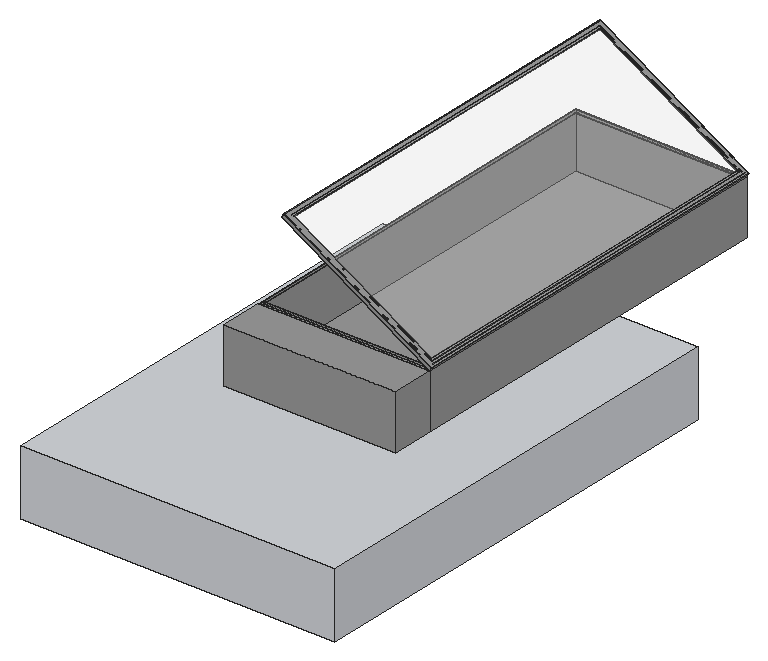
Revit family "Hager-Univers-IP55-D275-H2050-Cl.I-Steel_encl-CH-fr", category Equipement électrique, Revit 2020
Family settings
  Hôte = Face
  Configuration du panneau = Deux colonnes, circuits au sein
  Cote de connecteur circulaire = Utiliser le diamètre
  Type d'élément = Tableau de raccordement
  Couper avec des vides une fois chargée = Non
  Partagée = Non
  Point de calcul de pièce = Non
Parameters (values of type "installation au sol IP55 L800 H2050 P275  - FR23K2")
  Width Control [instance] = if([EF000008 - largeur] > Min Width, [EF000008 - largeur], Min Width)  # 800 mm
  Commentaires du type = [HG000003 - Gamme]  # "Univers"
  Thickness Door [instance] = if([EF009171 - épaisseur de matériau de la porte/du couvercle] > 3 mm, 3 mm, [EF009171 - épaisseur de matériau de la porte/du couvercle])  # 1.5 mm
  Seal Frame Offset [instance] = 17 mm  # constant formula
  Plinth Visibility [instance] = [HG000027 - Hauteur du socle] > 0 mm  # yes
  Model = ""
  Min Width [instance] = 100 mm  # constant formula
  Min Height [instance] = 100 mm  # constant formula
  Min Depth [instance] = (2 * [EF009170 - épaisseur de matériau du boîtier]) + 1 mm  # 4 mm
  Internal Frame Depth [instance] = (Door System Depth * 0.5)  # 9 mm
  Height Control [instance] = if([EF000040 - hauteur] > Min Height, [EF000040 - hauteur], Min Height)  # 2050 mm
  HG000027 - Hauteur du socle = 200 mm
  HG000026 - Installation au sol = yes
  HG000024 - Hauteur de la section basse = 800 mm
  HG000023 - Armoire double section = no
  HG000016 - Visibilité de la porte 3D [instance] = yes
  HG000015 - Visibilité de l'emprise de la porte [instance] = no
  HG000014 - Porte à droite [instance] = yes
  HG000013 - Porte à gauche [instance] = not([HG000014 - Porte à droite])  # no
  HG000012 - Angle de pivotement de la porte [instance] = 30.00°
  HG000010 - Portes asymétriques = no
  HG000009 - Porte à double battant = no
  HG000006 - Encastré = no
  HG000004 - Référence fabricant = "FR23K2"
  HG000003 - Gamme = "Univers"
  HG000002 - avec porte = yes
  Frame Offset Bottom [instance] = 10 mm  # constant formula
  Frame Offset [instance] = 15 mm  # constant formula
  EF015940 - couvercle avec décharge de pression = no
  EF011959 - degré de protection (NEMA) = ""
  EF009554 - nombre d'ouvertures pour plaques à bride = 6
  Fabricant = "Hager"  # constant formula
  EF009212 - finition du couvercle = "EV000116 - fermé"
  EF009171 - épaisseur de matériau de la porte/du couvercle = 1.5 mm
  EF009170 - épaisseur de matériau du boîtier = 1.5 mm
  EF008873 - courant nominal (In) = 800 A
  EF007800 - adapté à un parafoudre = no
  EF006306 - avec serrure = no
  EF006244 - couvercle/porte transparent(e) = yes
  EF005474 - indice de protection (IP) = "EV006420 - IP55"
  EF004464 - type de porte = "EV002646 - unique"
  EF004427 - nombre de modules = 432
  EF004293 - indice de protection contre les chocs (IK) = "EV008784 - IK10"
  EF003532 - convient pour utilisation à l’extérieur = no
  EF002950 - largeur en nombre de modules = 24
  EF001613 - maintien de fonction = "EV000494 - sans"
  EF001596 - matériau du boîtier/corps = "EV000179 - acier"
  EF001131 - profondeur intérieure = 275 mm
  EF001088 - possibilité de montage en saillie = yes
  EF000437 - nombre d'entrées de conduit = 6
  EF000339 - type de capot = "EV004216 - porte"
  EF000266 - nombre de rangées = 12
  EF000218 - profondeur d'encastrement = 0 mm
  EF000118 - avec cadre/support de montage = no
  EF000116 - numéro RAL = "7035"
  EF000049 - profondeur = 275 mm
  EF000040 - hauteur = 2050 mm
  EF000008 - largeur = 800 mm
  EF000007 - couleur = "EV000270 - gris"
  EF000003 - mode de pose = "EV012274 - installation au sol"
  Door System Leaf Tolerance [instance] = 1.5 mm  # constant formula
  Door System Depth [instance] = 18 mm  # constant formula
  Door Height [instance] = Height Control - [HG000027 - Hauteur du socle]  # 1850 mm
  Depth Control [instance] = if([EF000049 - profondeur] > Min Depth, [EF000049 - profondeur], Min Depth)  # 275 mm
  Default Elevation = 0 mm
  Connector Offset [instance] = Height Control / 2  # 1025 mm
  Bottom Top Plate Trim [instance] = 1.5 mm  # constant formula
  Plinth height Ctrl [instance] = if([HG000027 - Hauteur du socle] > 0 mm, [HG000027 - Hauteur du socle], 12 mm)  # 200 mm
Types (11, lengths in mm): name | Width Control | HG000010 - Portes asymétriques | HG000009 - Porte à double battant | HG000004 - Référence fabricant | EF009554 - nombre d'ouvertures pour plaques à bride | EF006244 - couvercle/porte transparent(e) | EF004464 - type de porte | EF004427 - nombre de modules | EF000437 - nombre d'entrées de conduit | EF000008 - largeur
  installation au sol IP55 L1050 H2050 P275  - FR24E2 | 1050 | yes | yes | "FR24E2" | 8 | no | "EV003602 - double" | 576 | 8 | 1050
  installation au sol IP55 L1050 H2050 P275  - FR24K2 | 1050 | yes | yes | "FR24K2" | 8 | yes | "EV003602 - double" | 576 | 8 | 1050
  installation au sol IP55 L1300 H2050 P275  - FR25E2 | 1300 | yes | yes | "FR25E2" | 10 | no | "EV003602 - double" | 720 | 10 | 1300
  installation au sol IP55 L1300 H2050 P275  - FR25K2 | 1300 | yes | yes | "FR25K2" | 10 | yes | "EV003602 - double" | 720 | 10 | 1300
  installation au sol IP55 L1550 H2050 P275  - FR26E2 | 1550 | yes | yes | "FR26E2" | 12 | no | "EV003602 - double" | 864 | 12 | 1550
  installation au sol IP55 L1550 H2050 P275  - FR26K2 | 1550 | yes | yes | "FR26K2" | 12 | yes | "EV003602 - double" | 864 | 12 | 1550
  installation au sol IP55 L300 H2050 P275  - FR21E2 | 300 | no | no | "FR21E2" | 2 | no | "EV002646 - unique" | 144 | 2 | 300
  installation au sol IP55 L550 H2050 P275  - FR22E2 | 550 | no | no | "FR22E2" | 4 | no | "EV002646 - unique" | 288 | 4 | 550
  installation au sol IP55 L550 H2050 P275  - FR22K2 | 550 | no | no | "FR22K2" | 4 | yes | "EV002646 - unique" | 288 | 4 | 550
  installation au sol IP55 L800 H2050 P275  - FR23E2 | 800 | no | no | "FR23E2" | 6 | no | "EV002646 - unique" | 432 | 6 | 800
  installation au sol IP55 L800 H2050 P275  - FR23K2 | 800 | no | no | "FR23K2" | 6 | yes | "EV002646 - unique" | 432 | 6 | 800
Reference planes
  plane 1 "Center (Front/Back)": y = 0
  plane 2: z = 0
  plane 3 "Center (Left/Right)": x = 0
  plane 4: z = 275
  plane 5: y = 201.5
  plane 6: y = 1125
  plane 7: y = 200
  plane 8: y = 2050
  plane 9: z = 0
  plane 10: x = -385
  plane 11: x = 385
  plane 12: x = 383.5
  plane 13: x = -383.5
  plane 14: y = 2048.5
  plane 15: x = -383
  plane 16: x = -400
  plane 17: x = 383
  plane 18: x = 400
  plane 19: x = 398.5
  plane 20: x = -398.5
  plane 21: y = 211.5
  plane 22: y = 2050
  plane 23: y = 2033.5
  plane 24: z = 257
  plane 25: z = 1.5
  plane 26: z = 255.5
  plane 27: z = 273.5
Forms (mm)
  Extrusion 1, solid
    sketch origin (0, 0, 0) x (1, 0, 0) y (0, 1, 0)
      loop
        line (-702.964, 1305) -> (-702.964, -811.445) -> (766.763, -811.445) -> (766.763, 1305) -> (-702.964, 1305)
    from 0 to -304.8
  Extrusion 2, solid, material "Hager_Steel_RAL7035_Light_Grey", visible <- "Plinth Visibility", detail levels medium+fine
    sketch origin (0, 0, 0) x (1, 0, 0) y (0, 1, 0)
      loop
        line (-400, 0) -> (400, 0) -> (400, 200) -> (-400, 200) -> (-400, 0)
    from 0 to 257
  Extrusion 3, solid, material "Hager_Steel_RAL7035_Light_Grey", detail levels medium+fine
    sketch origin (0, 0, 0) x (1, 0, 0) y (0, 1, 0)
      loop
        line (-400, 200) -> (400, 200) -> (400, 2050) -> (-400, 2050) -> (-400, 200)
    from 0 to 257
  Extrusion 4, void
    sketch origin (0, 0, 0) x (1, 0, 0) y (0, 1, 0)
      loop
        line (-398.5, 201.5) -> (398.5, 201.5) -> (398.5, 2048.5) -> (-398.5, 2048.5) -> (-398.5, 201.5)
    from 1.5 to 255.5
  Extrusion 5, void
    sketch origin (-381.607, -4572, 257) x (0, -1, 0) y (-1, 0, 0)
      loop
        line (-4783.5, 1.893) -> (-6605.5, 1.893) -> (-6605.5, -765.107) -> (-4783.5, -765.107) -> (-4783.5, 1.893)
    from 0 to 1.5 <- "EF009170 - épaisseur de matériau du boîtier"
  Extrusion 6, solid, material "Hager_Steel_RAL7035_Light_Grey", detail levels fine
    sketch origin (0, 0, 257) x (1, 0, 0) y (0, 1, 0)
      loop
        line (-383.5, 2033.5) -> (-383.5, 211.5) -> (383.5, 211.5) -> (383.5, 2033.5) -> (-383.5, 2033.5)
      loop
        line (-385, 210) -> (385, 210) -> (385, 2035) -> (-385, 2035) -> (-385, 210)
    from 0 to 9 <- "Internal Frame Depth"
  Extrusion 7, solid, material "Hager_Steel_RAL7035_Light_Grey", detail levels coarse
    sketch origin (0, 0, 0) x (1, 0, 0) y (0, 1, 0)
      loop
        line (-400, 0) -> (400, 0) -> (400, 2050) -> (-400, 2050) -> (-400, 0)
    from 0 to 275
  Sweep 8, void
    path in 3D
      loop
        line (-400, 200, 0) -> (400, 200, 0) -> (400, 200, 257) -> (-400, 200, 257) -> (-400, 200, 0)
    profile origin (-400, 200, 128.5) x (-1, 0, 0) y (0, -1, 0)
      loop
        line (0, 0) -> (0, 1.5) -> (-1.5, 1.5)
        arc (-1.5, 1.5) -> (-1.061, 0.439) -> (0, 0) r 1.5
Cuts and joins
  Extrusion 4, Extrusion 5 cuts Extrusion 3
  Sweep 8 cuts Extrusion 2
Lines and regions (mm)
  Masking region 1
    outline origin (0, 0, 0) x (1, 0, 0) y (0, 0, 1)
      loop
        line (-400, 275) -> (-400, 0) -> (400, 0) -> (400, 275) -> (-400, 275)
  Masking region 2, detail levels medium+fine
    outline origin (0, 140, 0) x (0, 1, 0) y (0, 0, 1)
      loop
        line (60, 0) -> (1910, 0) -> (1910, 257) -> (60, 257) -> (60, 0)
  Masking region 3, not visible, detail levels medium+fine
    outline origin (0, 297.922, 0) x (0, 1, 0) y (0, 0, 1)
      loop
        line (838.578, 0) -> (878.578, 0) -> (878.578, 263.5)
        arc (878.578, 263.5) -> (875.649, 270.571) -> (868.578, 273.5) r 10
        line (868.578, 273.5) -> (838.578, 273.5) -> (838.578, 0)
  Masking region 4, detail levels coarse
    outline origin (0, 0, 180) x (0, 1, 0) y (0, 0, 1)
      loop
        line (0, -180) -> (2050, -180) -> (2050, 95) -> (0, 95) -> (0, -180)
  Masking region 5, visible <- "Plinth Visibility", detail levels medium+fine
    outline origin (0, 52.24, 12.345) x (0, 0, -1) y (0, 1, 0)
      loop
        line (10.845, 147.76) -> (-243.155, 147.76)
        arc (-243.155, 147.76) -> (-243.594, 146.699) -> (-244.655, 146.26) r 1.5
        line (-244.655, 146.26) -> (-244.655, -52.24) -> (12.345, -52.24) -> (12.345, 146.26)
        arc (12.345, 146.26) -> (11.285, 146.699) -> (10.845, 147.76) r 1.5
  Masking region 6, detail levels medium+fine
    outline origin (-381.607, -4572, 257) x (-1, 0, 0) y (0, -1, 0)
      loop
        line (18.393, -6622) -> (18.393, -4772) -> (-781.607, -4772) -> (-781.607, -6622) -> (18.393, -6622)
  Masking region 7, visible <- "Plinth Visibility", detail levels medium+fine
    outline origin (-381.607, -4727, 257) x (-1, 0, 0) y (0, -1, 0)
      loop
        arc (16.893, -4927) -> (17.332, -4925.939) -> (18.393, -4925.5) r 1.5
        line (18.393, -4925.5) -> (18.393, -4727) -> (-781.607, -4727) -> (-781.607, -4925.5)
        arc (-781.607, -4925.5) -> (-780.546, -4925.939) -> (-780.107, -4927) r 1.5
        line (-780.107, -4927) -> (16.893, -4927)
  Masking region 8, detail levels coarse
    outline origin (-442.548, -4669.526, 257) x (-1, 0, 0) y (0, -1, 0)
      loop
        line (-42.548, -6719.526) -> (-42.548, -4669.526) -> (-842.548, -4669.526) -> (-842.548, -6719.526) -> (-42.548, -6719.526)
  sketch lines
    curve 1: line (-400, 200, 257) -> (-400, 200, 0)
    curve 2: line (400, 200, 257) -> (-400, 200, 257)
    curve 3: line (400, 200, 257) -> (400, 200, 0)
    curve 4: line (-400, 200, 0) -> (400, 200, 0)
Dimensions and locks
  "Depth Control": plane 4 to Extrusion 1
  "HG000027 - Hauteur du socle": plane 1 "Center (Front/Back)" to plane 7
  "EF009170 - épaisseur de matériau du boîtier": plane 5 to plane 7
  locked: connector elem to plane 3 "Center (Left/Right)"
  equal spacing: plane 8, plane 6, plane 7
  locked: connector elem to plane 6
  "EF009170 - épaisseur de matériau du boîtier": plane 8 to plane 14
  "EF009170 - épaisseur de matériau du boîtier": plane 10 to plane 13
  "EF009170 - épaisseur de matériau du boîtier": plane 12 to plane 11
  "Frame Offset": plane 20 to plane 13
  "Frame Offset": plane 12 to plane 19
  "EF009170 - épaisseur de matériau du boîtier": plane 16 to plane 20
  "EF009170 - épaisseur de matériau du boîtier": plane 19 to plane 18
  "Seal Frame Offset": plane 16 to plane 15
  "Seal Frame Offset": plane 17 to plane 18
  "Frame Offset Bottom": plane 21 to plane 5
  "Frame Offset": plane 14 to plane 23
  equal spacing: plane 16, plane 3 "Center (Left/Right)", plane 18
  "Width Control": plane 16 to plane 18
  "EF009170 - épaisseur de matériau du boîtier": plane 4 to plane 27
  "EF009170 - épaisseur de matériau du boîtier": plane 24 to plane 26
  "EF009170 - épaisseur de matériau du boîtier": plane 25 to level
  "Door System Depth": plane 4 to plane 24
  "Height Control": plane 1 "Center (Front/Back)" to Extrusion 7 sketch curve
  "Height Control": Masking region 4 sketch curve to plane 1 "Center (Front/Back)"
  "Height Control": plane 1 "Center (Front/Back)" to plane 22
  "Bottom Top Plate Trim": profile plane to Sweep 8 sketch curve
  "Bottom Top Plate Trim": Sweep 8 sketch curve to profile plane
  "Plinth height Ctrl": plane 1 "Center (Front/Back)" to Extrusion 2 sketch curve
  "Plinth height Ctrl": Masking region 5 sketch curve to plane 1 "Center (Front/Back)"
  "Plinth height Ctrl": plane 1 "Center (Front/Back)" to Masking region 7 sketch curve
  "Thickness Door": Extrusion 6 sketch curve to Extrusion 6 sketch curve  (x3)
  "Thickness Door": cut or joined group of Extrusion 3, Extrusion 4, Extrusion 5 to Extrusion 6 sketch curve
  radius of Masking region 3 sketch curve = 10 mm
  "Bottom Top Plate Trim": radius of Masking region 5 sketch curve  (x2)
  "Bottom Top Plate Trim": radius of Sweep 8 sketch curve
  "Bottom Top Plate Trim": radius of Masking region 7 sketch curve  (x2)
  aligned and locked: plane 2 to Extrusion 1
  aligned and locked: level to Extrusion 1
  aligned and locked: level to Masking region 1 sketch curve
  aligned and locked: Masking region 1 sketch curve to plane 18
  aligned and locked: Masking region 1 sketch curve to plane 16
  aligned and locked: plane 7 to Masking region 2 sketch curve
  aligned and locked: level to Masking region 3 sketch curve
  aligned and locked: Masking region 3 sketch curve to plane 27
  aligned and locked: level to Masking region 2 sketch curve
  aligned and locked: plane 1 "Center (Front/Back)" to Extrusion 2 sketch curve
  aligned and locked: Extrusion 3 sketch curve to plane 7
  aligned and locked: plane 16 to Extrusion 3 sketch curve
  aligned and locked: plane 18 to Extrusion 3 sketch curve
  aligned and locked: plane 20 to Extrusion 4 sketch curve
  aligned and locked: plane 19 to Extrusion 4 sketch curve
  aligned and locked: Extrusion 4 sketch curve to plane 5
  aligned and locked: Extrusion 4 to plane 25
  aligned and locked: plane 26 to Extrusion 4
  aligned and locked: plane 24 to Extrusion 3
  aligned and locked: Extrusion 5 sketch curve to plane 21
  aligned and locked: Extrusion 5 sketch curve to plane 13
  aligned and locked: Extrusion 5 sketch curve to plane 12
  aligned and locked: plane 18 to Extrusion 7 sketch curve
  aligned and locked: plane 1 "Center (Front/Back)" to Extrusion 7 sketch curve
  aligned and locked: plane 16 to Extrusion 7 sketch curve
  aligned and locked: plane 4 to Extrusion 7
  aligned and locked: Extrusion 7 to level
  aligned and locked: level to Masking region 4 sketch curve
  aligned and locked: Masking region 4 sketch curve to plane 1 "Center (Front/Back)"
  aligned and locked: Masking region 4 sketch curve to plane 4
  aligned and locked: nested 1 to level
  aligned and locked: nested 1 to plane 16
  aligned and locked: plane 8 to Extrusion 3 sketch curve
  aligned and locked: plane 23 to Extrusion 5 sketch curve
  aligned and locked: plane 14 to Extrusion 4 sketch curve
  aligned and locked: Masking region 2 sketch curve to plane 8
  aligned and locked: level to Masking region 5 sketch curve
  aligned and locked: plane 16 to Extrusion 2 sketch curve
  aligned and locked: plane 18 to Extrusion 2 sketch curve
  aligned and locked: Masking region 5 sketch curve to plane 24
  aligned and locked: Masking region 2 sketch curve to plane 24
  aligned and locked: plane 24 to Extrusion 2
  aligned and locked: profile plane to Sweep 8 sketch curve  (x2)
  aligned and locked: Masking region 6 sketch curve to plane 18
  aligned and locked: Masking region 6 sketch curve to plane 22
  aligned and locked: Masking region 6 sketch curve to plane 16
  aligned and locked: plane 8 to plane 22
  aligned and locked: Masking region 6 sketch curve to plane 7
  aligned and locked: Masking region 7 sketch curve to plane 16
  aligned and locked: Masking region 7 sketch curve to plane 1 "Center (Front/Back)"
  aligned and locked: Masking region 7 sketch curve to plane 18
  aligned and locked: Masking region 8 sketch curve to plane 1 "Center (Front/Back)"
  aligned and locked: Masking region 8 sketch curve to plane 18
  aligned and locked: Masking region 8 sketch curve to plane 22
  aligned and locked: Masking region 8 sketch curve to plane 16
  aligned and locked: nested 2 to plane 7
  aligned and locked: plane 3 "Center (Left/Right)" to nested 2
  aligned and locked: nested 2 to plane 24
  aligned and locked: Extrusion 6 sketch curve to cut or joined group of Extrusion 3, Extrusion 4, Extrusion 5  (x4)
Automatic sketch dimensions
  Extrusion 1 sketch curve to Extrusion 1 sketch curve = 1469.727 mm
  Extrusion 1 sketch curve to Extrusion 1 sketch curve = 2116.445 mm
  Masking region 1 sketch curve to plane 4 = 0 mm
  plane 6 to Masking region 3 sketch curve = 11.5 mm
  Masking region 3 sketch curve to Masking region 3 sketch curve = 30 mm
  Masking region 5 sketch curve to plane 1 "Center (Front/Back)" = 0 mm
Nested families
  nested 1: "Hager_Enclosure_Symbol" at (-400, 0, 0) x (1, 0, 0) z (0, -1, 0), Height <- "Depth Control", Width <- "Width Control", type "Hager_Enclosure_Symbol"
    with Width_Ctrl 800 mm, Width 800 mm, Height_Ctrl 275 mm, Height 275 mm, A_Width_Int 18.047 mm, A_Width 216.562 mm, A_Height_Ctrl 240.625 mm, A_Height 240.625 mm
  nested 2: "EC000058_Univers_Door" at (0, 200, 257) x (1, 0, 0) z (0, 1, 0), Leaf_Tolerance <- "Door System Leaf Tolerance", Angle <- "HG000012 - Angle de pivotement de la porte", Door_Depth <- "Door System Depth", Door_Left <- "HG000013 - Porte à gauche", Transparent <- "EF006244 - couvercle/porte transparent(e)", Assymetrical <- "HG000010 - Portes asymétriques", Width <- "Width Control", Clearance <- "HG000015 - Visibilité de l'emprise de la porte", Double <- "HG000009 - Porte à double battant", 3d_Door <- "HG000016 - Visibilité de la porte 3D", Lock_Visibility <- "EF006306 - avec serrure", Width_Ctrl <- "Width Control", Door_Right <- "HG000014 - Porte à droite", Door <- "HG000002 - avec porte", Height <- "Door Height", Thickness <- "Thickness Door", type "EC000058_Univers_Door", detail levels medium+fine
    with min_wh 4 mm, Width_Ctrl 800 mm, Width 800 mm, Transparent yes, Thickness 1.5 mm, Seal_Material Hager_Rubber, Lock_Visibility no, Lock_Material Hager_Plastic_RAL9005_Jet_Black, Leaf_Width 800 mm, Leaf_Tolerance_External_Sides 0 mm, Leaf_Tolerance 1.5 mm, Leaf_Offset 0 mm, Leaf_Height 1847 mm, Leaf_2_Width 800 mm, Leaf_2_Offset 400 mm, Leaf_1_Width 800 mm, Leaf_1_Offset 400 mm, Height_Ctrl 1850 mm, Height 1850 mm, Glass_Material Hager_Glass, Double_Clearance_Ctrl no, Double no, Door_Right_Ctrl yes, Door_Right yes, Door_Material Hager_Steel_RAL7035_Light_Grey, Door_Left_Ctrl no, Door_Left no, Door_Depth 18 mm, Door yes, Clearance_Material Hager_Clearance, Clearance_Depth 800 mm, Clearance_Ctrl no, Clearance no, Assymetrical no, Angle 30.00°, 3d_Door yes
Connectors
  electrical at (0, 1125, 0)
    settings: on plane 9, index 1, voltage 0 V, apparent load 0 VA, apparent load phase1 0 VA, apparent load phase2 0 VA, apparent load phase3 0 VA, power factor 1, load classification "Other", number of poles 1, system type 30, power factor state 1, is connector primary yes, connector utility no, sub classification motor no, connector description ""
Definition of nested family "EC000058_Univers_Door"
  Parameters (values of type "EC000058_Univers_Door")
    min_wh [instance] = (2 * Thickness) + 1 mm  # 11 mm
    Width_Ctrl [instance] = 400 mm
    Width [instance] = 500 mm
    Transparent [instance] = yes
    Thickness [instance] = 5 mm
    Seal_Material [instance] = none
    Lock_Visibility [instance] = yes
    Lock_Material [instance] = none
    Leaf_Width [instance] = if((Width_Ctrl - 2 * Leaf_Tolerance_External_Sides) > 0 mm, (Width_Ctrl - 2 * Leaf_Tolerance_External_Sides), min_wh)  # 400 mm
    Leaf_Tolerance_External_Sides [instance] = 0 mm  # constant formula
    Leaf_Tolerance [instance] = 1.5 mm
    Leaf_Offset [instance] = 0 mm  # constant formula
    Leaf_Height [instance] = if((Height_Ctrl - 2 * Leaf_Tolerance) > 0 mm, (Height_Ctrl - 2 * Leaf_Tolerance), min_wh)  # 497 mm
    Leaf_2_Width [instance] = if(and(and(Double, Assymetrical), Door_Left), (Leaf_Width / 3) - (Leaf_Tolerance / 2), if(and(and(Double, Assymetrical), Door_Right), (Leaf_Width / 3) * 2 - (Leaf_Tolerance / 2), if(and(Double, not(Assymetrical)), (Leaf_Width / 2) - Leaf_Tolerance, Leaf_Width)))  # 400 mm
    Leaf_2_Offset [instance] = if(and(Double, Assymetrical), Leaf_2_Width / 2, if(and(Double, not(Assymetrical)), Leaf_Width / 4, Leaf_Width / 2))  # 200 mm
    Leaf_1_Width [instance] = if(and(and(Double, Assymetrical), Door_Right), (Leaf_Width / 3) - (Leaf_Tolerance / 2), if(and(and(Double, Assymetrical), Door_Left), (Width / 3) * 2 - (Leaf_Tolerance / 2), if(and(Double, not(Assymetrical)), (Leaf_Width / 2) - Leaf_Tolerance, Leaf_Width)))  # 400 mm
    Leaf_1_Offset [instance] = if(and(Double, Assymetrical), Leaf_1_Width / 2, if(and(Double, not(Assymetrical)), Leaf_Width / 4, Leaf_Width / 2))  # 200 mm
    Height_Ctrl [instance] = if(Height > min_wh, Height, min_wh)  # 500 mm
    Height [instance] = 500 mm
    Glass_Material [instance] = none
    Double_Clearance_Ctrl [instance] = and(Double, Clearance)  # no
    Double [instance] = no
    Door_Right_Ctrl [instance] = and(or(Door_Right, Double), Door)  # yes
    Door_Right [instance] = yes
    Door_Material [instance] = none
    Door_Left_Ctrl [instance] = and(or(Door_Left, Double), Door)  # no
    Door_Left [instance] = no
    Door_Depth [instance] = 30 mm
    Door [instance] = yes
    Default Elevation = 1219.2 mm
    Clearance_Material [instance] = none
    Clearance_Depth [instance] = if(Leaf_1_Width > Leaf_2_Width, Leaf_1_Width, Leaf_2_Width)  # 400 mm
    Clearance_Ctrl [instance] = and(not(Double), Clearance)  # yes
    Clearance [instance] = yes
    Assymetrical [instance] = yes
    Angle [instance] = 30.00°
    3d_Door [instance] = yes
  Reference planes
    plane 1 "Center (Front/Back)": y = 0
    plane 2 "Bottom": z = 0
    plane 3 "Center (Left/Right)": x = 0
    plane 4: z = 500
    plane 5: x = -200
    plane 6: x = 200
    plane 7: z = 500
    plane 8: x = -200
    plane 9: z = 0
    plane 10: x = 200
    plane 11: y = 0
    plane 12: z = 1.5
    plane 13: x = -600
    plane 14: y = -400
    plane 15: x = 600
    plane 16: x = 0
    plane 17: x = 0
    plane 18: x = -200
    plane 19: x = 200
    plane 20: z = 498.5
  Forms (mm)
    Extrusion 1, solid, material <- "Clearance_Material", visible <- "Double_Clearance_Ctrl"
      sketch origin (1200, 0, 0) x (1, 0, 0) y (0, 0, -1)
        loop
          line (-1800, -498.5) -> (-600, -498.5) -> (-600, 0) -> (-1800, 0) -> (-1800, -498.5)
      from 0 to -400
  Dimensions and locks
    equal spacing: plane 5, plane 3 "Center (Left/Right)", plane 6
    "Width_Ctrl": plane 5 to plane 6
    "Leaf_Offset": plane 5 to plane 8
    "Leaf_Offset": plane 6 to plane 10
    "Leaf_Offset": plane 9 to level
    "Leaf_Offset": plane 4 to plane 7
    "Height_Ctrl": plane 4 to level
    "Leaf_Tolerance": plane 12 to plane 9
    locked: plane 11 to plane 1 "Center (Front/Back)"
    "Leaf_1_Offset": plane 18 to plane 16
    "Leaf_2_Offset": plane 17 to plane 19
    "Leaf_1_Width": plane 13 to plane 8
    "Leaf_2_Width": plane 10 to plane 15
    "Clearance_Depth": plane 14 to plane 1 "Center (Front/Back)"
    "Leaf_Tolerance_External_Sides": plane 8 to plane 18
    "Leaf_Tolerance_External_Sides": plane 19 to plane 10
    "Leaf_Tolerance": plane 7 to plane 20
    aligned and locked: level to plane 2 "Bottom"
    aligned and locked: nested 1 to plane 16
    aligned and locked: nested 2 to plane 17
    aligned and locked: Extrusion 1 to plane 13
    aligned and locked: plane 15 to Extrusion 1
    aligned and locked: Extrusion 1 to plane 14
    aligned and locked: plane 12 to nested 1
    aligned and locked: nested 2 to plane 12
    aligned and locked: Extrusion 1 to plane 11
    aligned and locked: plane 20 to Extrusion 1
    aligned and locked: nested 2 to plane 11
    aligned and locked: nested 1 to plane 11
  Automatic sketch dimensions
    Extrusion 1 sketch curve to level = 0 mm
    plane 5 to Extrusion 1 sketch curve = 400 mm
    plane 6 to Extrusion 1 sketch curve = 400 mm
    Extrusion 1 sketch curve to plane 4 = 1.5 mm
  Nested families
    nested 1: "EC000058_Univers_Door_Leaf" at (0, 0, 1.5), Width <- "Leaf_1_Width", visible <- "Door_Left_Ctrl", Leaf_Height <- "Leaf_Height", Angle <- "Angle", 3d_Door <- "3d_Door", Transparent <- "Transparent", Clearance Material <- "Clearance_Material", Clearance <- "Clearance_Ctrl", Door_Material <- "Door_Material", Glass_Material <- "Glass_Material", Door_Depth <- "Door_Depth", Lock_Material <- "Lock_Material", Seal_Material <- "Seal_Material", Lock_Visibility <- "Lock_Visibility", Thickness <- "Thickness", type "EC000058_Univers_Door_Leaf"
      with Width 400 mm, Transparent_Glass_Offset 30 mm, Transparent_Ctrl yes, Transparent yes, Thickness 5 mm, Standard no, Seal_Material none, Seal_D2 8 mm, Seal_D1 1 mm, Offset_Internal_Frame 10 mm, Lock_Width 20 mm, Lock_Visibility_3d yes, Lock_Visibility yes, Lock_Thickness_3 3 mm, Lock_Thickness_2 1 mm, Lock_Thickness_1 3 mm, Lock_Radius_Offset_2 16 mm, Lock_Radius_Offset_1 15 mm, Lock_Radius_2 5 mm, Lock_Radius 6 mm, Lock_Offset 5 mm, Lock_Material none, Lock_Height 80 mm, Lock_Cover_Top_Offset_2d 17 mm, Lock_Cover_Height -65 mm, Leaf_Height 497 mm, Internal_Seal_Thickness 8 mm, Internal_Seal_Depth_2 4.5 mm, Internal_Frame_Depth 25 mm, Glass_Thickness -1 mm, Glass_Offset -2 mm, Glass_Material none, Door_Material none, Door_Depth 30 mm, Clearance Material none, Clearance yes, Angle_Ctrl 30.00°, Angle 30.00°, 3d_Door yes
    nested 2: "EC000058_Univers_Door_Leaf" at (0, 0, 1.5) x (-1, 0, 0) z (0, 0, 1), Width <- "Leaf_2_Width", visible <- "Door_Right_Ctrl", Leaf_Height <- "Leaf_Height", Angle <- "Angle", 3d_Door <- "3d_Door", Transparent <- "Transparent", Clearance Material <- "Clearance_Material", Clearance <- "Clearance_Ctrl", Door_Material <- "Door_Material", Glass_Material <- "Glass_Material", Door_Depth <- "Door_Depth", Lock_Material <- "Lock_Material", Seal_Material <- "Seal_Material", Lock_Visibility <- "Lock_Visibility", Thickness <- "Thickness", type "EC000058_Univers_Door_Leaf"
      with Width 400 mm, Transparent_Glass_Offset 30 mm, Transparent_Ctrl yes, Transparent yes, Thickness 5 mm, Standard no, Seal_Material none, Seal_D2 8 mm, Seal_D1 1 mm, Offset_Internal_Frame 10 mm, Lock_Width 20 mm, Lock_Visibility_3d yes, Lock_Visibility yes, Lock_Thickness_3 3 mm, Lock_Thickness_2 1 mm, Lock_Thickness_1 3 mm, Lock_Radius_Offset_2 16 mm, Lock_Radius_Offset_1 15 mm, Lock_Radius_2 5 mm, Lock_Radius 6 mm, Lock_Offset 5 mm, Lock_Material none, Lock_Height 80 mm, Lock_Cover_Top_Offset_2d 17 mm, Lock_Cover_Height -65 mm, Leaf_Height 497 mm, Internal_Seal_Thickness 8 mm, Internal_Seal_Depth_2 4.5 mm, Internal_Frame_Depth 25 mm, Glass_Thickness -1 mm, Glass_Offset -2 mm, Glass_Material none, Door_Material none, Door_Depth 30 mm, Clearance Material none, Clearance yes, Angle_Ctrl 30.00°, Angle 30.00°, 3d_Door yes
  Definition of nested family "EC000058_Univers_Door_Leaf"
    Parameters (values of type "EC000058_Univers_Door_Leaf")
      Width [instance] = 2000 mm
      Transparent_Glass_Offset [instance] = 30 mm
      Transparent_Ctrl [instance] = and(Transparent, [3d_Door])  # yes
      Transparent [instance] = yes
      Thickness [instance] = 5 mm
      Standard [instance] = and(not(Transparent), [3d_Door])  # no
      Seal_Material [instance] = none
      Seal_D2 [instance] = 8 mm  # constant formula
      Seal_D1 [instance] = 1 mm  # constant formula
      Offset_Internal_Frame [instance] = 10 mm  # constant formula
      Lock_Width [instance] = 20 mm  # constant formula
      Lock_Visibility_3d [instance] = and(Lock_Visibility, [3d_Door])  # yes
      Lock_Visibility [instance] = yes
      Lock_Thickness_3 [instance] = 3 mm  # constant formula
      Lock_Thickness_2 [instance] = 1 mm  # constant formula
      Lock_Thickness_1 [instance] = 3 mm  # constant formula
      Lock_Radius_Offset_2 [instance] = Lock_Radius_Offset_1 + 1 mm  # 16 mm
      Lock_Radius_Offset_1 [instance] = 15 mm  # constant formula
      Lock_Radius_2 [instance] = Lock_Radius - 1 mm  # 5 mm
      Lock_Radius [instance] = 6 mm  # constant formula
      Lock_Offset [instance] = 5 mm  # constant formula
      Lock_Material [instance] = none
      Lock_Height [instance] = 80 mm  # constant formula
      Lock_Cover_Top_Offset_2d [instance] = Lock_Radius_Offset_2 + 1 mm  # 17 mm
      Lock_Cover_Height [instance] = -(Lock_Height - Lock_Radius_Offset_1)  # -65 mm
      Leaf_Height [instance] = 2720.336 mm
      Internal_Seal_Thickness [instance] = 8 mm  # constant formula
      Internal_Seal_Depth_2 [instance] = 4.5 mm  # constant formula
      Internal_Frame_Depth [instance] = if(Door_Depth - Thickness > 5 mm, Door_Depth - Thickness, 5 mm)  # 25 mm
      Glass_Thickness [instance] = if(Thickness > 15 mm, Glass_Offset + 10 mm, -1 mm)  # -1 mm
      Glass_Offset [instance] = if(Thickness > 15 mm, -(Thickness + 10 mm) / 2, -2 mm)  # -2 mm
      Glass_Material [instance] = none
      Door_Material [instance] = none
      Door_Depth [instance] = 30 mm
      Default Elevation = 0 mm
      Clearance Material [instance] = none
      Clearance [instance] = yes
      Angle_Ctrl [instance] = if(Angle > 180.00°, 180.00°, Angle)  # 90.00°
      Angle [instance] = 90.00°
      3d_Door [instance] = yes
    Reference planes
      plane 1 "Center (Front/Back)": y = 0
      plane 2: z = 0
      plane 3 "Center (Left/Right)": x = 0
      plane 4: y = 2000
      plane 5: x = -1000
      plane 6: x = 1000
      plane 7: x = -3000
      plane 8: z = 2720.336
      plane 9: z = 30
      plane 10: z = 2690.336
      plane 11: x = 970
      plane 12: x = -970
      plane 13: y = -3
      plane 14: z = 107.833
      plane 15: y = -5
      plane 16: y = -223.314
      plane 17: x = -1000
      plane 18: z = 1360.168
      plane 19: y = 30
    Forms (mm)
      Extrusion 1, solid, material <- "Clearance Material", visible <- "Clearance"
        sketch origin (0, 0, 0) x (1, 0, 0) y (0, 0, 1)
          loop
            line (-3000, 2720.336) -> (-3000, 0) -> (1000, 0) -> (1000, 2720.336) -> (-3000, 2720.336)
        from 0 to -2000
      Extrusion 2, solid, material <- "Door_Material", visible <- "Standard", detail levels medium+fine
        sketch origin (-1000, 0, 0) x (0, 1, 0) y (-1, 0, 0)
          loop
            line (0, 30) -> (0, 25) -> (2000, 25) -> (2000, 30) -> (0, 30)
        from 0 to 2720.336 <- "Leaf_Height"
      Extrusion 3, solid, material <- "Door_Material", visible <- "Transparent_Ctrl", detail levels medium+fine
        sketch origin (-1000, 0, 0) x (0, 1, 0) y (-1, 0, 0)
          loop
            line (0, 25) -> (2000, 25) -> (2000, 30) -> (0, 30) -> (0, 25)
        from 0 to 2720.336 <- "Leaf_Height"
      Extrusion 4, void
        sketch origin (-1025, 2000, 0) x (0, 1, 0) y (0, 0, -1)
          loop
            line (-30, -2690.336) -> (-30, -30) -> (-1970, -30) -> (-1970, -2690.336) -> (-30, -2690.336)
        from 0 to 5 <- "Thickness"
      Sweep 5, solid, material <- "Seal_Material", visible <- "Transparent_Ctrl", detail levels fine
        path in 3D
          loop
            line (-1025, 30, 30) -> (-1025, 30, 2690.336) -> (-1025, 1970, 2690.336) -> (-1025, 1970, 30) -> (-1025, 30, 30)
        profile origin (-1025, 1000, 30) x (1, 0, 0) y (0, 0, 1)
          loop
            line (0, 0) -> (0, -8) -> (1, -8) -> (1, 0) -> (0, 0)
      Extrusion 6, solid, material <- "Glass_Material", visible <- "Transparent_Ctrl", detail levels medium+fine
        sketch origin (-1030, 0, 0) x (0, 1, 0) y (0, 0, -1)
          loop
            line (1970, -2690.336) -> (1970, -30) -> (30, -30) -> (30, -2690.336) -> (1970, -2690.336)
        from -2 <- "Glass_Offset" to -1 <- "Glass_Thickness"
      Extrusion 7, solid, material <- "Door_Material", visible <- "3d_Door", detail levels medium+fine
        sketch origin (-1025, 2000, 0) x (0, -1, 0) y (0, 0, -1)
          loop
            line (0, -2720.336) -> (2000, -2720.336) -> (2000, 0) -> (0, 0) -> (0, -2720.336)
          loop
            line (1995, -5) -> (5, -5) -> (5, -2715.336) -> (1995, -2715.336) -> (1995, -5)
        from 0 to 25 <- "Internal_Frame_Depth"
      Sweep 8, solid, material <- "Seal_Material", visible <- "Transparent_Ctrl", detail levels fine
        path in 3D
          loop
            line (-1025, 0, 0) -> (-1025, 2000, 0) -> (-1025, 2000, 2720.336) -> (-1025, 0, 2720.336) -> (-1025, 0, 0)
        profile origin (-1025, 0, 1360.168) x (1, 0, 0) y (0, 1, 0)
          loop
            line (0, 10) -> (2.975, 10)
            arc (2.975, 10) -> (4.053, 10.447) -> (4.5, 11.525) r 1.525
            line (4.5, 11.525) -> (4.5, 16.527)
            arc (4.5, 16.527) -> (4.069, 17.569) -> (3.027, 18) r 1.473
            line (3.027, 18) -> (0, 18) -> (0, 10)
      Extrusion 9, solid, material <- "Lock_Material", visible <- "Lock_Visibility_3d", detail levels fine
        sketch origin (-1030, 0, 0) x (0, 1, 0) y (0, 0, -1)
          loop
            arc (1993.5, -1400.168) -> (1994.561, -1399.729) -> (1995, -1398.668) r 1.5
            line (1995, -1398.668) -> (1995, -1320.168) -> (1975, -1320.168) -> (1975, -1398.668)
            arc (1975, -1398.668) -> (1975.439, -1399.729) -> (1976.5, -1400.168) r 1.5
            line (1976.5, -1400.168) -> (1993.5, -1400.168)
        from 3 <- "Lock_Thickness_1" to 0
      Blend 10, solid, material <- "Lock_Material", visible <- "Lock_Visibility_3d", detail levels fine
        base sketch origin (-1033, 0, 0) x (0, 1, 0) y (0, 0, -1)
          loop
            line (1975, -1320.168) -> (1975, -1398.668)
            arc (1975, -1398.668) -> (1975.439, -1399.729) -> (1976.5, -1400.168) r 1.5
            line (1976.5, -1400.168) -> (1993.5, -1400.168)
            arc (1993.5, -1400.168) -> (1994.561, -1399.729) -> (1995, -1398.668) r 1.5
            line (1995, -1398.668) -> (1995, -1320.168) -> (1975, -1320.168)
        top sketch origin (-1033, 0, 0) x (0, 1, 0) y (0, 0, -1)
          loop
            line (1976, -1320.168) -> (1976, -1398.668)
            arc (1976, -1398.668) -> (1976.146, -1399.022) -> (1976.5, -1399.168) r 0.5
            line (1976.5, -1399.168) -> (1993.5, -1399.168)
            arc (1993.5, -1399.168) -> (1993.854, -1399.022) -> (1994, -1398.668) r 0.5
            line (1994, -1398.668) -> (1994, -1320.168) -> (1976, -1320.168)
        from 0 to 1 <- "Lock_Thickness_2"
      Blend 11, solid, material <- "Lock_Material", visible <- "Lock_Visibility_3d", detail levels fine
        base sketch origin (-1034, 0, 0) x (0, 1, 0) y (0, 0, -1)
          loop
            line (1978, -1320.168) -> (1978, -1384.168)
            arc (1978, -1384.168) -> (1985, -1391.168) -> (1992, -1384.168) r 7
            line (1992, -1384.168) -> (1992, -1320.168) -> (1978, -1320.168)
        top sketch origin (-1034, 0, 0) x (0, 1, 0) y (0, 0, -1)
          loop
            line (1991, -1320.168) -> (1979, -1320.168) -> (1979, -1383.168)
            arc (1979, -1383.168) -> (1985, -1389.168) -> (1991, -1383.168) r 6
            line (1991, -1383.168) -> (1991, -1320.168)
        from 0 to 3 <- "Lock_Thickness_3"
      Extrusion 12, solid, material <- "Lock_Material", visible <- "Lock_Visibility_3d", detail levels fine
        sketch origin (-1030, 1975, 1320.168) x (1, 0, 0) y (0, -1, 0)
          loop
            line (-7, -19) -> (-7, -1) -> (0, -1) -> (0, 0) -> (-8, 0) -> (-8, -20) -> (0, -20) -> (0, -19) -> (-7, -19)
        from 0 to -65 <- "Lock_Cover_Height"
      Extrusion 13, void
        sketch origin (-1038, 1995, 1320.168) x (-1, 0, 0) y (0, 0, -1)
          loop
            line (-5, -65) -> (0, -65) -> (-5, -60) -> (-5, -65)
        from 0 to 20 <- "Lock_Width"
      Extrusion 14, void
        sketch origin (-1038, 1975, 1320.168) x (0, -1, 0) y (0, 0, -1)
          loop
            circle (-10, -15.995) r 6
          loop
            circle (-10, -15.995) r 5
        from 0 to 2
      Extrusion 15, solid, material <- "Lock_Material", visible <- "Lock_Visibility_3d", detail levels medium
        sketch origin (-1030, 0, 0) x (0, 1, 0) y (0, 0, -1)
          loop
            arc (1993.5, -1400.168) -> (1994.561, -1399.729) -> (1995, -1398.668) r 1.5
            line (1995, -1398.668) -> (1995, -1320.168) -> (1975, -1320.168) -> (1975, -1398.668)
            arc (1975, -1398.668) -> (1975.439, -1399.729) -> (1976.5, -1400.168) r 1.5
            line (1976.5, -1400.168) -> (1993.5, -1400.168)
        from 8 to 0
    Cuts and joins
      Extrusion 4 cuts Extrusion 3
      Extrusion 13, Extrusion 14 cuts Extrusion 9
      Extrusion 14 cuts Blend 11
      Extrusion 13, Extrusion 14 cuts Extrusion 12
      joined: Extrusion 9, Blend 10, Blend 11, Extrusion 12
      Extrusion 14 cuts Extrusion 15
    Lines and regions (mm)
      Masking region 1, visible <- "Lock_Visibility", detail levels fine
        outline origin (0, 0, 0) x (0, 1, 0) y (0, 0, 1)
          loop
            line (30, 1320.168) -> (33, 1320.168) -> (33, 1400.168) -> (30, 1400.168) -> (30, 1320.168)
      Masking region 2, visible <- "Lock_Visibility", detail levels fine
        outline origin (0, 3.143, 0) x (0, 1, 0) y (0, 0, 1)
          loop
            line (29.857, 1354.168) -> (30.857, 1354.168) -> (30.857, 1366.168) -> (29.857, 1366.168) -> (29.857, 1354.168)
      Masking region 3, detail levels medium+fine
        outline origin (0, 0, 0) x (0, 1, 0) y (0, 0, 1)
          loop
            line (0, 0) -> (30, 0) -> (30, 2720.336) -> (0, 2720.336) -> (0, 0)
      Masking region 4, detail levels medium+fine
        outline origin (0, 0, 0) x (1, 0, 0) y (0, 0, 1)
          loop
            line (-1000, 2720.336) -> (-1000, 0) -> (1000, 0) -> (1000, 2720.336) -> (-1000, 2720.336)
      Masking region 5, visible <- "Lock_Visibility", detail levels fine
        outline origin (-47.116, 0, 0) x (1, 0, 0) y (0, 0, 1)
          loop
            arc (1024.616, 1399.168) -> (1023.556, 1398.729) -> (1023.116, 1397.668) r 1.5
            line (1023.116, 1397.668) -> (1023.116, 1320.168) -> (1041.116, 1320.168) -> (1041.116, 1397.668)
            arc (1041.116, 1397.668) -> (1040.677, 1398.729) -> (1039.616, 1399.168) r 1.5
            line (1039.616, 1399.168) -> (1024.616, 1399.168)
      Masking region 6, visible <- "Lock_Visibility", detail levels medium+fine
        outline origin (-25, 0, 0) x (1, 0, 0) y (0, 0, 1)
          loop
            arc (1001.5, 1400.168) -> (1000.439, 1399.729) -> (1000, 1398.668) r 1.5
            line (1000, 1398.668) -> (1000, 1320.168) -> (1020, 1320.168) -> (1020, 1398.668)
            arc (1020, 1398.668) -> (1019.561, 1399.729) -> (1018.5, 1400.168) r 1.5
            line (1018.5, 1400.168) -> (1001.5, 1400.168)
      Masking region 7, visible <- "Lock_Visibility", detail levels fine
        outline origin (-73.735, 0, 0) x (1, 0, 0) y (0, 0, 1)
          loop
            line (1051.735, 1382.168) -> (1065.735, 1382.168) -> (1065.735, 1384.168)
            arc (1065.735, 1384.168) -> (1058.735, 1391.168) -> (1051.735, 1384.168) r 7
            line (1051.735, 1384.168) -> (1051.735, 1382.168)
      Masking region 8, visible <- "Lock_Visibility", detail levels fine
        outline origin (-73.735, 0, 0) x (1, 0, 0) y (0, 0, 1)
          loop
            line (1052.735, 1382.168) -> (1064.735, 1382.168) -> (1064.735, 1383.168)
            arc (1064.735, 1383.168) -> (1058.735, 1389.168) -> (1052.735, 1383.168) r 6
            line (1052.735, 1383.168) -> (1052.735, 1382.168)
      Masking region 9, visible <- "Lock_Visibility", detail levels fine
        outline origin (-25, 0, 0) x (1, 0, 0) y (0, 0, 1)
          loop
            line (1020, 1320.168) -> (1020, 1382.168) -> (1000, 1382.168) -> (1000, 1320.168) -> (1020, 1320.168)
      Masking region 10, detail levels medium+fine
        outline origin (0, 0, 0) x (1, 0, 0) y (0, 0, 1)
          loop
            circle (985, 1335.144) r 6
      Masking region 11, detail levels fine
        outline origin (0, 0, 0) x (1, 0, 0) y (0, 0, 1)
          loop
            circle (985, 1335.144) r 5
      Masking region 12, visible <- "Lock_Visibility", detail levels fine
        outline origin (0, 12.767, 0) x (0, 1, 0) y (0, 0, 1)
          loop
            line (20.233, 1320.168) -> (21.233, 1320.168) -> (21.233, 1399.168) -> (20.233, 1400.168) -> (20.233, 1320.168)
      Masking region 13, visible <- "Lock_Visibility", detail levels fine
        outline origin (0, 13.767, -10) x (0, 1, 0) y (0, 0, 1)
          loop
            line (20.233, 1330.168) -> (23.233, 1330.168) -> (23.233, 1399.168) -> (20.233, 1402.168) -> (20.233, 1330.168)
      Masking region 14, visible <- "Lock_Visibility", detail levels fine
        outline origin (0, 12.767, -10) x (0, 1, 0) y (0, 0, 1)
          loop
            line (20.233, 1330.168) -> (25.233, 1330.168) -> (25.233, 1399.305) -> (20.233, 1394.305) -> (20.233, 1330.168)
      Masking region 15, visible <- "Lock_Visibility", detail levels medium
        outline origin (0, 0, 0) x (0, 1, 0) y (0, 0, 1)
          loop
            line (30, 1320.168) -> (38, 1320.168) -> (38, 1400.168) -> (30, 1400.168) -> (30, 1320.168)
      Masking region 16, visible <- "Lock_Visibility", detail levels fine
        outline origin (-1000, 0, 0) x (0, 1, 0) y (-1, 0, 0)
          loop
            line (1975, 30) -> (1995, 30) -> (1995, 38) -> (1975, 38) -> (1975, 30)
          loop
            line (1979, 37) -> (1976, 37) -> (1976, 34) -> (1978, 34) -> (1979, 37)
          loop
            line (1994, 37) -> (1991, 37) -> (1992, 34) -> (1994, 34) -> (1994, 37)
      Masking region 17, visible <- "Lock_Visibility", detail levels medium
        outline origin (-1000, 0, 0) x (0, 1, 0) y (-1, 0, 0)
          loop
            line (1975, 30) -> (1995, 30) -> (1995, 38) -> (1975, 38) -> (1975, 30)
      symbolic lines
        curve 1: line (1000, 0, 0) -> (-3000, 0, 0)
        curve 2: arc (1000, 0, 0) -> (-1000, 2000, 0) -> (-3000, 0, 0) r 2000
        curve 4: line (-1030, 0, 0) -> (-1030, 2000, 0)
      reference lines
        curve 3: line (-1000, 0, 0) -> (-1000, 2000, 0)
      symbolic lines, detail levels medium+fine
        curve 5: line (-1030, 2000, 0) -> (-1025, 2000, 0)
        curve 7: line (-1025, 0, 0) -> (-1030, 0, 0)
        curve 8: line (-1025, 0, 0) -> (-1000, 0, 0)
        curve 9: line (-1000, 0, 0) -> (-1000, 2000, 0)
        curve 10: line (-1000, 2000, 0) -> (-1025, 2000, 0)
      symbolic lines, detail levels fine
        curve 6: line (-1025, 2000, 0) -> (-1025, 0, 0)
      sketch lines
        curve 11: line (-1025, 0, 2720.336) -> (-1025, 0, 0)
        curve 12: line (-1025, 2000, 0) -> (-1025, 0, 0)
        curve 13: line (-1025, 2000, 2720.336) -> (-1025, 2000, 0)
        curve 14: line (-1025, 0, 2720.336) -> (-1025, 2000, 2720.336)
        curve 15: line (-1025, 1970, 30) -> (-1025, 30, 30)
        curve 16: line (-1025, 30, 30) -> (-1025, 30, 2690.336)
        curve 17: line (-1025, 1970, 2690.336) -> (-1025, 1970, 30)
        curve 18: line (-1025, 30, 2690.336) -> (-1025, 1970, 2690.336)
      symbolic lines, visible <- "Transparent", detail levels medium+fine
        curve 19: line (-970, 0, 2690.336) -> (970, 0, 2690.336)
        curve 20: line (-970, 0, 30) -> (-970, 0, 2690.336)
        curve 21: line (970, 0, 30) -> (-970, 0, 30)
        curve 22: line (970, 0, 2690.336) -> (970, 0, 30)
    Dimensions and locks
      "Width": plane 1 "Center (Front/Back)" to plane 4
      equal spacing: plane 5, plane 3 "Center (Left/Right)", plane 6
      "Width": plane 5 to plane 6
      "Width": plane 7 to plane 5
      "Leaf_Height": plane 8 to level
      "Width": curve 5 to curve 3
      "Width": curve 3 to curve 3
      plane 8 to plane 10 = 30 mm
      plane 9 to level = 30 mm
      plane 12 to plane 5 = 30 mm
      plane 6 to plane 11 = 30 mm
      Extrusion 1 to Extrusion 4 sketch curve = 30 mm
      "Transparent_Glass_Offset": curve 3 to Extrusion 4 sketch curve
      "Transparent_Glass_Offset": Extrusion 4 sketch curve to cut or joined group of Extrusion 3, Extrusion 4  (x2)
      cut or joined group of Extrusion 3, Extrusion 4 to Extrusion 6 sketch curve = 30 mm
      "Transparent_Glass_Offset": cut or joined group of Extrusion 3, Extrusion 4 to Extrusion 4 sketch curve
      "Thickness": curve 6 to curve 4
      "Thickness": Extrusion 7 sketch curve to Extrusion 7 sketch curve  (x4)
      "Door_Depth": curve 4 to curve 3
      "Offset_Internal_Frame": profile plane to Sweep 8 sketch curve
      "Internal_Seal_Thickness": Sweep 8 sketch curve to Sweep 8 sketch curve
      "Internal_Seal_Depth_2": profile plane to Sweep 8 sketch curve
      "Seal_D1": profile plane to Sweep 5 sketch curve
      "Seal_D2": profile plane to Sweep 5 sketch curve
      "Thickness": Extrusion 2 sketch curve to Extrusion 2 sketch curve
      equal spacing: Extrusion 9 sketch curve, plane 18, Extrusion 9 sketch curve  (x2)
      equal spacing: Masking region 1 sketch curve, plane 18, Masking region 1 sketch curve
      "Lock_Height": Masking region 1 sketch curve to Masking region 1 sketch curve
      "Lock_Radius": Masking region 2 sketch curve to plane 18 to Masking region 2 sketch curve
      Masking region 2 sketch curve to Masking region 1 = 1 mm
      "Door_Depth": plane 19 to plane 1 "Center (Front/Back)"
      "Lock_Thickness_1": Masking region 1 sketch curve to plane 19
      "Lock_Width": Extrusion 9 sketch curve to Extrusion 9 sketch curve
      "Lock_Height": Extrusion 9 sketch curve to Extrusion 9 sketch curve
      "Lock_Offset": cut or joined group of Extrusion 3, Extrusion 4 to Extrusion 9 sketch curve
      equal spacing: plane 8, plane 18, level
      "Lock_Radius_Offset_1": Blend 11 sketch curve to Blend 10
      locked: Blend 10 to Blend 11 sketch curve at 2  (x2)
      locked: var sketch to Blend 11 sketch curve at 1  (x2)
      "Lock_Radius_Offset_2": Blend 11 sketch curve to Blend 10
      locked: Extrusion 12 sketch curve to Extrusion 12 sketch curve at 1  (x3)
      Masking region 6 sketch curve to Masking region 6 sketch curve = 80 mm
      "Lock_Height": Masking region 6 sketch curve to Masking region 6 sketch curve
      "Lock_Width": Masking region 6 sketch curve to Masking region 6 sketch curve
      locked: Masking region 6 to Masking region 5 sketch curve at 1  (x3)
      locked: Masking region 5 to Masking region 7 sketch curve at 2  (x2)
      "Lock_Radius_Offset_1": Masking region 5 to Masking region 7 sketch curve
      "Lock_Radius_Offset_2": Masking region 5 to Masking region 8 sketch curve
      locked: Masking region 7 to Masking region 8 sketch curve at 1  (x2)
      "Lock_Cover_Top_Offset_2d": Masking region 5 to Masking region 9 sketch curve
      equal spacing: Masking region 9, Masking region 10 sketch curve, Masking region 9
      equal spacing: Masking region 9, Masking region 11 sketch curve, Masking region 9
      Extrusion 15 sketch curve to Extrusion 15 sketch curve = 80 mm
      "Lock_Width": Extrusion 15 sketch curve to Extrusion 15 sketch curve
      "Lock_Height": Extrusion 15 sketch curve to Extrusion 15 sketch curve
      equal spacing: Extrusion 15 sketch curve, plane 18, Extrusion 15 sketch curve
      "Lock_Thickness_3": Masking region 13 sketch curve to Masking region 13 sketch curve
      "Lock_Height": Masking region 12 sketch curve to Masking region 12 sketch curve
      locked: Masking region 13 sketch curve to Masking region 1 at 8
      locked: Masking region 14 sketch curve to Masking region 13 at 1
      locked: Masking region 14 sketch curve to Masking region 1 at 10.863
      "Lock_Height": Masking region 15 sketch curve to Masking region 15 sketch curve
      "Lock_Offset": Extrusion 15 sketch curve to cut or joined group of Extrusion 3, Extrusion 4
      "Lock_Offset": plane 6 to Masking region 6 sketch curve
      radius of Sweep 8 sketch curve = 1.525 mm
      radius of Sweep 8 sketch curve = 1.473 mm
      radius of Extrusion 9 sketch curve = 1.5 mm  (x2)
      "Lock_Radius": radius of Extrusion 14 sketch curve
      "Lock_Radius_2": radius of Extrusion 14 sketch curve
      "Lock_Radius": radius of Masking region 10 sketch curve
      "Lock_Radius_2": radius of Masking region 11 sketch curve
      radius of Extrusion 15 sketch curve = 1.5 mm  (x2)
      "Angle_Ctrl": angle plane 1 "Center (Front/Back)" to curve 3
      locked: Masking region 12 sketch curve to Masking region 12 sketch curve (angle 45.00°)
      locked: Masking region 13 sketch curve to Masking region 13 sketch curve (angle 45.00°)
      locked: Masking region 14 sketch curve to Masking region 14 sketch curve (angle 45.00°)
      aligned and locked: level to plane 2
      aligned and locked: Extrusion 1 to curve 1
      aligned and locked: plane 6 to Extrusion 1
      aligned and locked: Extrusion 1 to plane 1 "Center (Front/Back)"
      aligned and locked: plane 4 to Extrusion 1
      aligned and locked: plane 8 to Extrusion 1
      aligned and locked: curve 7 to Extrusion 2 sketch curve
      aligned and locked: curve 5 to Extrusion 2 sketch curve
      aligned and locked: curve 7 to Extrusion 3 sketch curve
      aligned and locked: Extrusion 3 sketch curve to curve 4
      aligned and locked: Extrusion 3 sketch curve to curve 6
      aligned and locked: Extrusion 3 sketch curve to curve 5
      aligned and locked: curve 9 to curve 3
      aligned and locked: Extrusion 7 sketch curve to cut or joined group of Extrusion 3, Extrusion 4  (x4)
      aligned and locked: plane 17 to curve 3
      aligned and locked: plane 1 "Center (Front/Back)" to curve 3
      aligned and locked: plane 17 to plane 5
      aligned and locked: Sweep 8 sketch curve to profile plane
      aligned and locked: Sweep 5 sketch curve to profile plane  (x2)
      aligned and locked: Masking region 1 to Masking region 2 sketch curve
      aligned and locked: plane 19 to Masking region 1 sketch curve
      aligned and locked: plane 1 "Center (Front/Back)" to Masking region 3 sketch curve
      aligned and locked: plane 19 to Masking region 3 sketch curve
      aligned and locked: level to Masking region 3 sketch curve
      aligned and locked: Masking region 3 sketch curve to plane 8
      aligned and locked: plane 17 to Masking region 4 sketch curve
      aligned and locked: level to Masking region 4 sketch curve
      aligned and locked: Masking region 4 sketch curve to plane 8
      aligned and locked: plane 12 to curve 20
      aligned and locked: plane 10 to curve 19
      aligned and locked: plane 11 to curve 22
      aligned and locked: curve 21 to plane 9
      aligned and locked: Extrusion 2 sketch curve to cut or joined group of Extrusion 3, Extrusion 4
      aligned and locked: Blend 10 sketch curve to Extrusion 9  (x4)
      aligned and locked: Extrusion 9 to Blend 10 sketch curve
      aligned and locked: Blend 10 to Blend 11 sketch curve
      aligned and locked: Extrusion 12 sketch curve to Blend 11
      aligned and locked: Extrusion 12 sketch curve to Extrusion 9  (x4)
      aligned and locked: Masking region 5 sketch curve to Masking region 6
      aligned and locked: Masking region 9 sketch curve to Masking region 6  (x3)
      aligned and locked: Masking region 12 sketch curve to Masking region 1
      aligned and locked: Masking region 13 sketch curve to Masking region 1
      aligned and locked: Masking region 12 to Masking region 14
      aligned and locked: Masking region 14 sketch curve to Masking region 1
      aligned and locked: Masking region 15 sketch curve to Masking region 14
      aligned and locked: Masking region 13 sketch curve to Masking region 12
      aligned and locked: Masking region 16 sketch curve to cut or joined group of Extrusion 14, Extrusion 15  (x4)
      aligned and locked: Masking region 16 sketch curve to cut or joined group of Extrusion 9, Blend 10, Blend 11, Extrusion 12, Extrusion 13, Extrusion 14  (x6)
      aligned and locked: cut or joined group of Extrusion 9, Blend 10, Blend 11, Extrusion 12, Extrusion 13, Extrusion 14 to Masking region 16 sketch curve
      aligned and locked: Masking region 17 sketch curve to cut or joined group of Extrusion 14, Extrusion 15  (x3)
      aligned and locked: Masking region 17 sketch curve to cut or joined group of Extrusion 9, Blend 10, Blend 11, Extrusion 12, Extrusion 13, Extrusion 14
      aligned and locked: Masking region 9 to Masking region 8 sketch curve
      aligned and locked: Masking region 9 to Masking region 7 sketch curve
    Automatic sketch dimensions
      plane 1 "Center (Front/Back)" to curve 2 = 0 mm
      curve 2 to plane 5 = 0 mm
      Extrusion 1 sketch curve to level = 0 mm
      Extrusion 1 sketch curve to plane 7 = 0 mm
      Extrusion 1 sketch curve to plane 6 = 0 mm
      Extrusion 1 sketch curve to plane 8 = 0 mm
      Extrusion 3 to Extrusion 6 sketch curve = 30 mm  (x4)
      Masking region 4 sketch curve to plane 6 = 0 mm
      Blend 10 sketch curve to Extrusion 9 = 1.5 mm
      Blend 10 sketch curve to Extrusion 9 = 1 mm
      Extrusion 13 sketch curve to Extrusion 12 = 0 mm  (x2)
      Extrusion 12 to Extrusion 13 sketch curve = 3 mm
      Extrusion 13 sketch curve to Extrusion 12 = 5 mm
      Extrusion 14 sketch curve to Extrusion 14 sketch curve = 0 mm  (x2)
      Extrusion 14 sketch curve to Extrusion 12 = 10 mm
      Extrusion 14 sketch curve to Extrusion 12 = 15.995 mm
      Masking region 5 sketch curve to Masking region 5 sketch curve = 1.5 mm  (x2)
      Masking region 10 sketch curve to plane 18 = 25.024 mm
      Masking region 11 sketch curve to plane 18 = 25.024 mm
      plane 19 to Masking region 14 sketch curve = 3 mm
      Masking region 16 sketch curve to Masking region 16 sketch curve = 3 mm
      curve 4 to curve 3 = 0 mm
      Blend 10 to Blend 11 sketch curve = 0 mm
      Masking region 6 sketch curve to Masking region 6 sketch curve = 1.5 mm  (x2)
      Masking region 6 sketch curve to plane 18 = 40 mm
      plane 19 to Masking region 12 sketch curve = 3 mm
      Masking region 12 sketch curve to Masking region 12 sketch curve = 1 mm
      Masking region 15 sketch curve to plane 19 = 0 mm
      Masking region 15 sketch curve to plane 18 = 40 mm
      radius of Blend 10 sketch curve to Extrusion 9 = 1 mm
Definition of nested family "Hager_Enclosure_Symbol"
  Parameters (values of type "Hager_Enclosure_Symbol")
    Width_Ctrl [instance] = if(Width > 1 mm, Width, 1 mm)  # 102.27 mm
    Width [instance] = 102.27 mm
    Height_Ctrl [instance] = if(Height > 1 mm, Height, 1 mm)  # 66.5 mm
    A_Width_Int [instance] = if(A_Width / 12 > 2 mm, A_Width / 12, 2 mm)  # 4.364 mm
    A_Width [instance] = if(A_Height_Ctrl * 0.9 > 2 mm, A_Height_Ctrl * 0.9, 2 mm)  # 52.369 mm
    A_Height_Ctrl [instance] = if(A_Height > 2 mm, A_Height, 2 mm)  # 58.188 mm
    Height [instance] = 66.5 mm
    A_Height [instance] = Height - (Height / 8)  # 58.188 mm
  Reference planes
    plane 1 "Centre (avant/arrière)": y = 0
    plane 2: z = 0
    plane 3 "Centre (gauche/droite)": x = 0
    plane 4: x = 52.369
    plane 5: y = 33.042
    plane 6: y = 41.77
    plane 7: y = 66.5
    plane 8: x = 26.184
    plane 9: y = 37.406
    plane 10: x = 102.27
    plane 11: y = 66.5
    plane 12: y = 8.313
  Lines and regions (mm)
    Filled region 1, type "Solid_Black", in view "Niveau de réf."
      outline origin (0, 0, 0) x (1, 0, 0) y (0, 1, 0)
        loop
          line (52.369, 66.5) -> (33.188, 54.536) -> (45.365, 45.006) -> (52.369, 66.5)
    Filled region 2, type "Solid_Black", in view "Niveau de réf."
      outline origin (0, 0, 0) x (1, 0, 0) y (0, 1, 0)
        loop
          line (0, 0) -> (102.27, 0) -> (102.27, 66.5) -> (0, 0)
    detail lines, in view "Niveau de réf."
      curve 1: line (0, 8.313, 0) -> (26.184, 41.77, 0)
      curve 2: line (26.184, 41.77, 0) -> (26.184, 33.042, 0)
      curve 3: line (26.184, 33.042, 0) -> (52.369, 66.5, 0)
  Dimensions and locks
    "A_Width": plane 3 "Centre (gauche/droite)" to plane 4
    equal spacing: plane 3 "Centre (gauche/droite)", plane 8, plane 4
    equal spacing: plane 6, plane 9, plane 5
    equal spacing: curve 3, Filled region 1 sketch curve, Filled region 1 sketch curve
    "Height_Ctrl": plane 1 "Centre (avant/arrière)" to plane 11
    "A_Height_Ctrl": plane 11 to plane 12
    equal spacing: plane 11, plane 9, plane 12
    "A_Width_Int": plane 6 to plane 9
    "Width_Ctrl": plane 3 "Centre (gauche/droite)" to plane 10
    angle Filled region 1 sketch curve to curve 3 = 20.00°
    angle curve 3 to Filled region 1 sketch curve = 20.00°
    locked: curve 3 to Filled region 1 sketch curve (angle 90.00°)
    aligned and locked: plane 10 to Filled region 2
    aligned and locked: plane 11 to Filled region 2 sketch curve
    aligned and locked: plane 10 to Filled region 2 sketch curve
    aligned and locked: plane 3 "Centre (gauche/droite)" to curve 1
    aligned and locked: plane 12 to curve 1
    aligned and locked: plane 7 to plane 11
  Automatic sketch dimensions
    Filled region 1 sketch curve to plane 4 = 0 mm
    Filled region 1 sketch curve to plane 7 = 0 mm
    plane 1 "Centre (avant/arrière)" to Filled region 2 sketch curve = 0 mm
    Filled region 2 sketch curve to plane 3 "Centre (gauche/droite)" = 0 mm
    curve 2 to plane 6 = 0 mm
    curve 2 to plane 8 = 0 mm
    curve 3 to plane 4 = 0 mm
    curve 2 to plane 5 = 0 mm
    curve 3 to plane 7 = 0 mm
